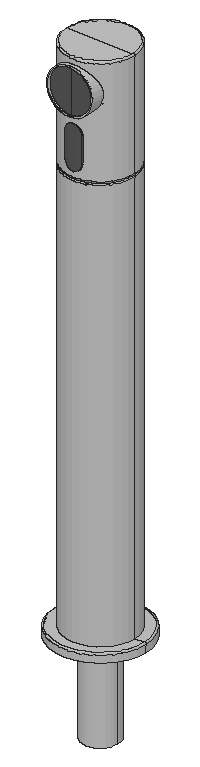
Revit family "Plumbing-Fix_Faucet-Touchless_Stern_Tubular-XL", category Plumbing Fixtures, host Face, Revit 2026
Family settings
  Host = Face
  Round Connector Dimension = Use Diameter
  Part Type = Normal
  Classification Number = 23.45.55.14
  Enable Cutting in Views = No
  Cut with Voids When Loaded = No
  Maintain Annotation Orientation = No
  Shared = No
  Room Calculation Point = No
Parameters (values of type "Battery Pack 1.58 GPM")
  Waste Connection = no
  Warranty Duration (Years) = 2
  WFU = 0
  Vent Connection = no
  Unit Width = 0' - 2"
  Unit Height = 0' - 0"
  URL = "http://www.sternfaucets.com/"
  Type Comments = "as Specified"
  Standards Conformance = "as Specified"
  Spout Reach = 0' - 0"
  Spout Height = 0' - 2 1/4"
  Specification = ""
  SpecWizard = ""
  Sales Information = "http://www.sternfaucets.com/contact-us/contact-us-int-l.html"
  Revision = "R1_2018-04"
  Product Properties = ""
  Product Features = "as Specified"
  Product Data = "http://www.arcat.com/arcatcos/cos50/arc50092.html"
  Power Supply = "9V Battery"
  Piping_Inlet Diameter = 1/2"
  Piping_Flow = 0 GPM
  Operating Temperature Range = "Up to 149 F / 65 C"
  Operating Pressure Range = "7.26 - 116 PSI  ;  0.5 - 8 bar"
  Model = "Tubular XLB"
  Manufacturer Website = "http://www.sternfaucets.com/"
  Manufacturer Phone - Toll Free = "800-436-4410"
  Manufacturer Phone = ""
  Manufacturer Fax = ""
  Manufacturer Address = "777 Passaic Ave.  Clifton, NJ 07012"
  Manufacturer = "Stern Engineering"
  Maintenance Schedule (Months) = 0
  Keynote = "22 40 00"
  Installation Phase = ""
  HWFU = 1
  HW Connection = yes
  Green Building-LEED = ""
  Fixture Finish [instance] = Finish - Stern - Chrome
  Expected Lifespan (Years) = 0
  Drawn By = "Sumex Design, Inc. / Robert S. Weygant, CSI, CDT, SCIP"
  Description = "Stern Touchless Wall Mounted Faucet - Tubular XLB as Specified"
  Default Elevation = 0' - 0"
  Cost = 0
  Copyright = "©Arcat Inc."
  Construction Details = ""
  CWFU = 1
  CW Connection = yes
  Body Construction = ""
  Available Options = "as Specified"
  Assembly Code = "D2010300"
  Accent Color [instance] = Finish - Stern - Black
Types (10): name | Power Supply | Model | Description
  Battery Pack 1.58 GPM | "9V Battery" | "Tubular XLB" | "Stern Touchless Wall Mounted Faucet - Tubular XLB as Specified"
  Battery Pack 1 GPM | "9V Battery" | "Tubular XLB" | "Stern Touchless Wall Mounted Faucet - Tubular XLB as Specified"
  Battery Pack 0.8 GPM | "9V Battery" | "Tubular XLB" | "Stern Touchless Wall Mounted Faucet - Tubular XLB as Specified"
  Battery Pack 0.5 GPM | "9V Battery" | "Tubular XLB" | "Stern Touchless Wall Mounted Faucet - Tubular XLB as Specified"
  Battery Pack 0.35 GPM | "9V Battery" | "Tubular XLB" | "Stern Touchless Wall Mounted Faucet - Tubular XLB as Specified"
  Transformer 1.58 GPM | "9V Transformer" | "Tubular XLE" | "Stern Touchless Wall Mounted Faucet - Tubular XLE as Specified"
  Transformer 1 GPM | "9V Transformer" | "Tubular XLE" | "Stern Touchless Wall Mounted Faucet - Tubular XLE as Specified"
  Transformer 0.8 GPM | "9V Transformer" | "Tubular XLE" | "Stern Touchless Wall Mounted Faucet - Tubular XLE as Specified"
  Transformer 0.5 GPM | "9V Transformer" | "Tubular XLE" | "Stern Touchless Wall Mounted Faucet - Tubular XLE as Specified"
  Transformer 0.35 GPM | "9V Transformer" | "Tubular XLE" | "Stern Touchless Wall Mounted Faucet - Tubular XLE as Specified"
Reference planes (in)
  plane 1 "Center (Front/Back)": y = 0
  plane 2: z = 0
  plane 3 "Center (Left/Right)": x = 0
  plane 4: z = 11
Forms (in)
  Extrusion 1, solid, material "Finish - Stern - Black" <- "Accent Color"
    sketch origin (0, 0, 2.96875) x (1, 0, 0) y (0, 0, 1)
      loop
        line (-0.1875, 7.1875) -> (-0.1875, 6.625)
        arc (-0.1875, 6.625) -> (0, 6.4375) -> (0.1875, 6.625) r 0.1875
        line (0.1875, 6.625) -> (0.1875, 7.1875)
        arc (0.1875, 7.1875) -> (0, 7.375) -> (-0.1875, 7.1875) r 0.1875
    from 0 to 0.90234
  Extrusion 2, solid, material "Finish - Stern - Chrome" <- "Fixture Finish"
    sketch origin (0, 0, 0) x (1, 0, 0) y (0, 1, 0)
      loop
        circle (0, 0) r 0.39132
    from 0 to -2
  Revolve 3, solid, material "Finish - Stern - Chrome" <- "Fixture Finish"
    sketch origin (0, 0, 0) x (1, 0, 0) y (0, 0, 1)
      loop
        line (0, 0) -> (0, 11.625) -> (-0.71875, 11.625)
        arc (-0.71875, 11.625) -> (-0.74085, 11.61585) -> (-0.75, 11.59375) r 0.03125
        line (-0.75, 11.59375) -> (-0.75, 9.28125)
        arc (-0.75, 9.28125) -> (-0.74085, 9.25915) -> (-0.71875, 9.25) r 0.03125
        arc (-0.71875, 9.25) -> (-0.74085, 9.24085) -> (-0.75, 9.21875) r 0.03125
        line (-0.75, 9.21875) -> (-0.75, 0.1875) -> (-0.96875, 0.1875)
        arc (-0.96875, 0.1875) -> (-0.99085, 0.17835) -> (-1, 0.15625) r 0.03125
        line (-1, 0.15625) -> (-1, 0) -> (0, 0)
      axis (0, 11.625) -> (0, 0)
    angle from 0 to 360
  Revolve 4, solid, material "Finish - Stern - Chrome" <- "Fixture Finish"
    sketch origin (0, 0.14844, 2) x (0, 1, 0) y (0, 0, 1)
      loop
        line (-0.53976, 9) -> (-0.53976, 9.5) -> (-0.98763, 9.5) -> (-0.98763, 9.46875) -> (-0.95638, 9.46875) -> (-0.95638, 9) -> (-0.53976, 9)
      axis (-0.98763, 9) -> (-0.53976, 9)
    angle from 0 to 360
  Extrusion 5, void
    sketch origin (0, 0, 0) x (1, 0, 0) y (0, 1, 0)
      loop
        arc (0.22699, -0.7202) -> (0.00545, -0.75389) -> (-0.21654, -0.7233) r 0.78125
        line (-0.21654, -0.7233) -> (-0.21654, -0.96181) -> (0.22699, -0.96181) -> (0.22699, -0.7202)
    from 10.4566 to 9.35898
Cuts and joins
  Extrusion 5 cuts Extrusion 1
Dimensions and locks (in)
  plane 4 to host face = 0' - 11"
  aligned and locked: plane 2 to host face
  aligned and locked: level to host face
Connectors (in)
  piping at (0, 0, -2), diameter 0.5, driven by "Piping_Flow", driven by "Piping_Inlet Diameter"
    settings: on Extrusion 2, index 2, connector inside diameter 24", connector length 0' - 0", flow factor 0, pipe flow 0 GPM, pressure drop 0.00 psi, fitting loss kfactor 0, connector angle 0.00°, fixture units 0, engagement length 0' - 0", angle of deflection 0.00°, flow configuration 0, flow direction 1, fitting loss method 0, system type 22, joint type 0, gender type 0, connector reference index -1, connector utility 0, adjustable connector no, is connector primary yes, connector description "Tempered Inlet"
  electrical at (0, 0, 0)
    settings: on Revolve 3, index 3, voltage 0 V, apparent load 0 VA, apparent load phase1 0 VA, apparent load phase2 0 VA, apparent load phase3 0 VA, power factor 1, load classification "Other", number of poles 1, system type 13, power factor state 1, is connector primary yes, connector utility no, sub classification motor no, connector description ""
